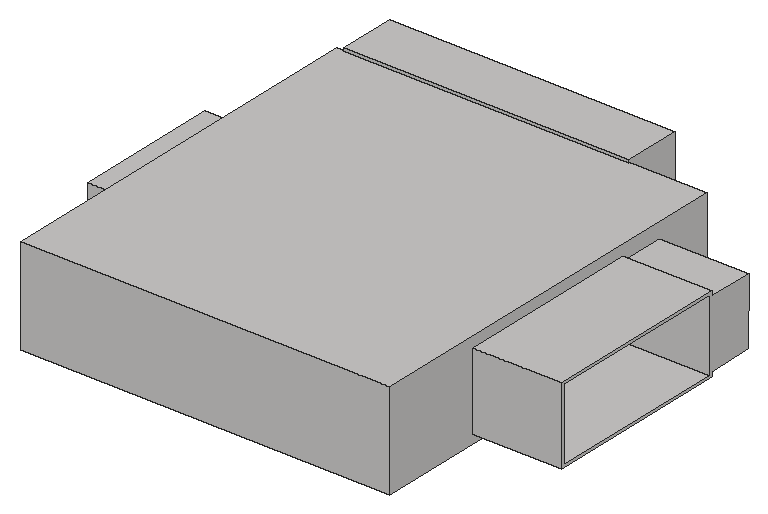
Revit family
Parameters
  Width = 3' - 7"
  Voltage = 480 V
  Unit Weight = "176.0 lbs"
  URL = "http://www.titus-hvac.com/"
  UL = "181"
  Supply Air Flow [instance] = 0 CFM
  Primary Air Pressure Drop [instance] = 0.00 in-wg
  Primary Air Flow [instance] = 0 CFM
  Plenum Air Pressure Drop [instance] = 0.00 in-wg
  Plenum Air Flow [instance] = 0 CFM
  Outlet Width = 1' - 8 3/8"
  Outlet Vertical Offset = 0' - 1 7/8"
  Outlet Horizontal Offset = 0' - 11 1/2"
  Outlet Height = 0' - 8 3/8"
  Offset = 0' - 0 7/8"
  Number of Poles = 3
  Nominal Width = Width + 0' 6 1/4"  # 4' - 1 1/4"
  Nominal Length = Length + 0' 3 3/8" + 0' 9 3/4"  # 4' - 5 3/8"
  Nominal Inlet Width = 1' - 4"
  Nominal Inlet Height = 0' - 8"
  Nominal Height = 0' - 10 3/4"
  No. of Motors = 2
  NFPA = "90A"
  Motor on Phase [instance] = 1
  Motor Full Load Amps [instance] = 2.5 A
  Model = "DFLS"
  Min. Air Flow = 0 CFM
  Max. Air Flow = 1860 CFM
  Material = Steel
  Manufacturer = "Titus"
  Length = 3' - 4 1/4"
  Juction Box Offset = 0' - 0 3/4"
  Inlet Width = Nominal Inlet Width - 0' 0 1/8"  # 1' - 3 7/8"
  Inlet Height = Nominal Inlet Height - 0' 0 1/8"  # 0' - 7 7/8"
  Induced Air Inlet Offset = 0' - 1 1/8"
  Induced Air Inlet Width = 0' - 10 3/8"
  Induced Air Inlet Height = 0' - 8 3/4"
  Induced Air Filter = no
  Height = 0' - 10 1/2"
  Heating Total Capacity [instance] = 0 Btu/h
  Half Outlet Connection Width = Outlet Width / 2  # 0' - 10 3/16"
  Half Outlet Connection Height = Outlet Height / 2  # 0' - 4 3/16"
  Half Height Start = -(Height / 2)  # -0' - 5 1/4"
  Half Height End = Height / 2  # 0' - 5 1/4"
  HP-Motor = "1/6"
  Frequency = 60 Hz
  Foil Face Liner = Choose Liner Option = 1  # no
  Fiber Free Liner = Choose Liner Option = 2  # no
  Fan Disconnect Switch = no
  Electric Heat Power [instance] = 0 VA
  Description = "Series Fan Powered Terminal Unit, Direct Digital Control, Pressure Independent, Low Profile"
  Connection Void Radius = Connection Radius - 0' 0 1/4"  # 0' - 3 11/16"
  Connection Radius = Inlet Height / 2  # 0' - 3 15/16"
  Choose Liner Option = 0
  CADworks URL = "www.CADworks.net"
  Assembly Code = "D3040100"
  Apparent Load Phase C [instance] = Electric Heat Power / 3 + if(Motor on Phase = 3, Motor Full Load Amps * 277 V, 0 VA)  # 0 VA
  Apparent Load Phase B [instance] = Electric Heat Power / 3 + if(Motor on Phase = 2, Motor Full Load Amps * 277 V, 0 VA)  # 0 VA
  Apparent Load Phase A [instance] = Electric Heat Power / 3 + if(Motor on Phase = 1, Motor Full Load Amps * 277 V, 0 VA)  # 692.5 VA
  Air Inlet Offset = 1' - 9 5/8"
  1/2" Fiberglass Liner = Choose Liner Option = 0  # yes
Reference planes (in)
  plane 1 "Center (Front/Back)": y = 0
  plane 2: z = 0
  plane 3 "Center (Left/Right)": x = 3
  plane 4: x = -17.125
  plane 5: x = 23.125
  plane 6: x = -16.375
  plane 7: x = -20.5
  plane 8 "Center (Elevation)": z = 0
  plane 9: y = -21.5
  plane 10: y = 21.5
  plane 11: y = -0.125
  plane 12: y = -20.375
  plane 13: x = 32.875
  plane 14: y = 20.375
  plane 15: x = -11.125
  plane 16: z = 5.25
  plane 17: z = -5.25
  plane 18: y = 27.75
Forms (in)
  Extrusion 1, solid, material "Steel" <- "Material"
    sketch origin (0, 0, 0) x (1, 0, 0) y (0, 1, 0)
      loop
        line (-17.125, 21.5) -> (-17.125, -21.5) -> (23.125, -21.5) -> (23.125, 21.5) -> (-17.125, 21.5)
    from -5.25 <- "Half Height Start" to 5.25 <- "Half Height End"
  Extrusion 2, solid, material "Steel" <- "Material"
    sketch origin (2.25, 0, -4.125) x (1, 0, 0) y (0, 1, 0)
      loop
        line (-18.625, 21.5) -> (12.375, 21.5) -> (12.375, 27.75) -> (-18.625, 27.75) -> (-18.625, 21.5)
    from 0 to 9.625
  Extrusion 3, solid, material "Steel" <- "Material"
    sketch origin (-26.9375, -3.125, 0) x (0, 0, -1) y (0, 1, 0)
      loop
        line (-3.9375, -4.9375) -> (3.9375, -4.9375) -> (3.9375, 10.9375) -> (-3.9375, 10.9375) -> (-3.9375, -4.9375)
    from 6.4375 to 9.8125
  Extrusion 4, void
    sketch origin (-17.125, -21.5, 0) x (0, -1, 0) y (0, 0, -1)
      loop
        line (-11.5, -4.375) -> (-1.125, -4.375) -> (-1.125, 4.375) -> (-11.5, 4.375) -> (-11.5, -4.375)
    from 0 to 6
  Extrusion 5, void
    sketch origin (-27.9375, -11, 0) x (0, 1, 0) y (0, 0, 1)
      loop
        line (18.5625, 3.6875) -> (3.1875, 3.6875) -> (3.1875, -3.6875) -> (18.5625, -3.6875) -> (18.5625, 3.6875)
    from 7.4375 to 16.8125
  Extrusion 6, void
    sketch origin (-17.125, 21.5, 0) x (0, 1, 0) y (0, 0, 1)
      loop
        line (-11.5, 4.375) -> (-11.5, -4.375) -> (-1.125, -4.375) -> (-1.125, 4.375) -> (-11.5, 4.375)
    from 0 to 6
  Extrusion 7, solid, material "Steel" <- "Material"
    sketch origin (23.125, -40.875, 0) x (0, 1, 0) y (0, 0, 1)
      loop
        line (55.875, -3.6875) -> (55.875, 3.6875) -> (50.875, 3.6875) -> (50.875, 4.1875) -> (30.5, 4.1875) -> (30.5, -4.1875) -> (50.875, -4.1875) -> (50.875, -3.6875) -> (55.875, -3.6875)
      loop
        line (50.625, -3.9375) -> (50.625, 3.9375) -> (30.75, 3.9375) -> (30.75, -3.9375) -> (50.625, -3.9375)
    from 0 to 9.75
Cuts and joins
  Extrusion 4, Extrusion 5, Extrusion 6 cuts Extrusion 1
  Extrusion 5 cuts Extrusion 3
Dimensions and locks (in)
  "Length": plane 5 to plane 4
  equal spacing: plane 5, plane 3 "Center (Left/Right)", plane 4
  locked: Extrusion 2 to Extrusion 2 at 31
  "Juction Box Offset": plane 6 to plane 4
  locked: plane 4 to plane 7 at 3.375
  "Width": plane 9 to plane 10
  equal spacing: plane 9, plane 1 "Center (Front/Back)", plane 10, locked at 21.5 each
  locked: Extrusion 2 to Extrusion 2 at 6.25
  "Air Inlet Offset": plane 10 to plane 11
  "Induced Air Inlet Offset": plane 9 to plane 12
  "Induced Air Inlet Width": Extrusion 4 sketch curve to Extrusion 4 sketch curve
  "Induced Air Inlet Height": Extrusion 4 sketch curve to Extrusion 4 sketch curve
  "Induced Air Inlet Offset": Extrusion 4 sketch curve to plane 9
  "Inlet Width": Extrusion 3 sketch curve to Extrusion 3 sketch curve
  equal spacing: Extrusion 3 sketch curve, plane 11, Extrusion 3 sketch curve
  "Inlet Height": Extrusion 3 sketch curve to Extrusion 3 sketch curve
  equal spacing: Extrusion 3 sketch curve, plane 8 "Center (Elevation)", Extrusion 3 sketch curve
  "Offset": cut or joined group of Extrusion 1, Extrusion 4, Extrusion 5, Extrusion 6 to Extrusion 4 sketch curve
  "Induced Air Inlet Width": Extrusion 6 sketch curve to Extrusion 6 sketch curve
  "Induced Air Inlet Height": Extrusion 6 sketch curve to Extrusion 6 sketch curve
  locked: Extrusion 7 sketch curve to Extrusion 7 sketch curve at 5  (x2)
  "Offset": cut or joined group of Extrusion 1, Extrusion 4, Extrusion 5, Extrusion 6 to Extrusion 6 sketch curve
  "Induced Air Inlet Offset": plane 14 to plane 10
  locked: plane 5 to plane 13 at 9.75
  locked: Extrusion 2 to Extrusion 2 at 9.625
  locked: plane 17 to Extrusion 2 at 1.125
  equal spacing: plane 16, level, plane 17, locked at 5.25 each
  "Induced Air Inlet Offset": Extrusion 6 sketch curve to plane 10
  cut or joined group of Extrusion 3, Extrusion 5 to cut or joined group of Extrusion 3, Extrusion 5 = 1' - 3 7/8"
  equal spacing: cut or joined group of Extrusion 3, Extrusion 5, plane 11, cut or joined group of Extrusion 3, Extrusion 5, locked at 7.9375 each
  locked: cut or joined group of Extrusion 3, Extrusion 5 to cut or joined group of Extrusion 3, Extrusion 5 at 0.25  (x2)
  "Outlet Width": Extrusion 7 sketch curve to Extrusion 7 sketch curve
  "Outlet Height": Extrusion 7 sketch curve to Extrusion 7 sketch curve
  equal spacing: Extrusion 7 sketch curve, level, Extrusion 7 sketch curve, locked at 4.1875 each
  locked: plane 9 to Extrusion 7 sketch curve at 11.125
  locked: Extrusion 7 sketch curve to Extrusion 7 sketch curve at 0.25  (x6)
  Extrusion 7 sketch curve to Extrusion 7 sketch curve = 0' - 7 3/8"
  equal spacing: Extrusion 7 sketch curve, level, Extrusion 7 sketch curve, locked at 3.6875 each
  locked: Extrusion 7 sketch curve to Extrusion 7 sketch curve at 0.5  (x2)
  aligned and locked: plane 5 to Extrusion 7
  aligned and locked: plane 13 to Extrusion 7
  aligned and locked: plane 10 to Extrusion 2
  aligned and locked: plane 15 to Extrusion 4
  aligned and locked: plane 15 to Extrusion 5
  aligned and locked: Extrusion 5 to plane 7
  aligned and locked: Extrusion 5 to Extrusion 6
  aligned and locked: plane 16 to cut or joined group of Extrusion 1, Extrusion 4, Extrusion 5, Extrusion 6
  aligned and locked: plane 17 to cut or joined group of Extrusion 1, Extrusion 4, Extrusion 5, Extrusion 6
  aligned and locked: plane 9 to cut or joined group of Extrusion 1, Extrusion 4, Extrusion 5, Extrusion 6
  aligned and locked: plane 10 to cut or joined group of Extrusion 1, Extrusion 4, Extrusion 5, Extrusion 6
  aligned and locked: plane 18 to Extrusion 2
  aligned and locked: plane 5 to cut or joined group of Extrusion 1, Extrusion 4, Extrusion 5, Extrusion 6
  aligned and locked: plane 4 to cut or joined group of Extrusion 1, Extrusion 4, Extrusion 5, Extrusion 6  (x3)
  aligned and locked: plane 6 to Extrusion 2
  aligned and locked: plane 14 to cut or joined group of Extrusion 1, Extrusion 4, Extrusion 5, Extrusion 6
  aligned and locked: plane 15 to cut or joined group of Extrusion 1, Extrusion 4, Extrusion 5, Extrusion 6  (x3)
  aligned and locked: plane 7 to cut or joined group of Extrusion 3, Extrusion 5  (x2)
  aligned and locked: plane 4 to cut or joined group of Extrusion 3, Extrusion 5
  aligned and locked: plane 12 to cut or joined group of Extrusion 1, Extrusion 4, Extrusion 5, Extrusion 6
Automatic sketch dimensions
  Extrusion 1 sketch curve to plane 4 = 0' - 0"
  Extrusion 1 sketch curve to plane 5 = 0' - 0"
  Extrusion 1 sketch curve to plane 9 = 0' - 0"
  Extrusion 1 sketch curve to plane 10 = 0' - 0"
  Extrusion 2 sketch curve to plane 6 = 0' - 0"
  Extrusion 2 sketch curve to plane 10 = 0' - 0"
  plane 3 "Center (Left/Right)" to Extrusion 2 sketch curve = 0' - 11 5/8"
  Extrusion 2 sketch curve to Extrusion 2 sketch curve = 0' - 6 1/4"
  level to Extrusion 5 sketch curve = 0' - 3 11/16"
  plane 11 to Extrusion 5 sketch curve = 0' - 7 11/16"
  Extrusion 5 sketch curve to level = 0' - 3 11/16"
  Extrusion 5 sketch curve to plane 1 "Center (Front/Back)" = 0' - 7 9/16"
Connectors (in)
  electrical at (-0.875, 27.75, 0.6875), driven by "Voltage", driven by "Number of Poles", driven by "Apparent Load Phase A", driven by "Apparent Load Phase B", driven by "Apparent Load Phase C"
    settings: on Extrusion 2, index 8
  hvac at (-20.5, -0.125, 0), driven by "Primary Air Flow", driven by "Inlet Height", driven by "Inlet Width", driven by "Primary Air Pressure Drop"
    settings: on cut or joined group of Extrusion 3, Extrusion 5, index 12
  hvac at (-17.125, -15.1875, 0), driven by "Plenum Air Flow", driven by "Induced Air Inlet Height", driven by "Induced Air Inlet Width", driven by "Plenum Air Pressure Drop"
    settings: on cut or joined group of Extrusion 1, Extrusion 4, Extrusion 5, Extrusion 6, index 14
  hvac at (-17.125, 15.1875, 0), driven by "Plenum Air Flow", driven by "Induced Air Inlet Height", driven by "Induced Air Inlet Width", driven by "Plenum Air Pressure Drop"
    settings: on cut or joined group of Extrusion 1, Extrusion 4, Extrusion 5, Extrusion 6, index 15
  hvac at (32.875, -0.1875, 0), driven by "Supply Air Flow", driven by "Outlet Height", driven by "Outlet Width"
    settings: on Extrusion 7, index 17
